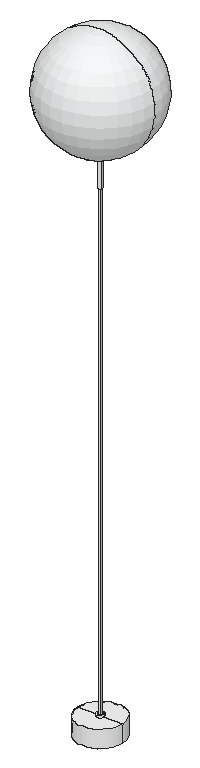
Revit family "56590.1_HOST_FACE", category Lighting Fixtures, host Face, Revit 2015 (continued)
Types (5): name | Wattage | built-in parameter 1150134 | Photometric Web File | built-in parameter 1150142 | Model | built-in parameter 1150105 | Lumens | Lamp | built-in parameter 1150107 | built-in parameter 1150106 | Description | Default Elevation
    5 1.47 1.59 1.71 1.83 1.95 2.09 2.23 2.49 2.78 3.49 4.25 5.08 5.91 6.79 7.67 8.61 9.55 10.53 11.51 12.51 13.51 14.53 15.54 16.57 17.58 18.60 19.61 20.61 21.60 22.74 23.74 24.65 25.58 26.46 27.35 28.22 28.91 29.65 30.37 31.07 31.74 32.33 \r\n32.90 33.42 33.90 34.34 34.75 35.10 35.41 35.63 35.82 35.96 36.07 36.11 36.12 36.05 35.98 35.91 35.84 35.71 35.54 35.27 34.98 34.63 34.28 33.90 33.52 33.12 32.00\r\n0.99 1.14 1.29 1.44 1.59 1.74 1.89 2.04 2.19 2.35 2.71 3.36 4.04 4.85 5.71 6.63 7.56 8.52 9.49 10.52 11.56 12.61 13.74 14.93 16.11 17.29 18.45 19.62 20.77 21.90 23.01 24.10 25.15 26.24 27.30 28.20 29.06 29.95 30.80 31.59 32.34 33.04 33.71 34.35 34.94 \r\n35.46 35.94 36.35 36.73 37.04 37.32 37.58 37.81 37.95 38.05 38.10 38.10 38.03 37.92 37.74 37.53 37.23 36.90 36.60 36.33 35.96 35.58 35.13 34.68 34.21 33.72 33.22 32.00\r\n0.99 1.17 1.35 1.53 1.71 1.89 2.07 2.24 2.48 3.13 3.78 4.52 5.30 6.20 7.15 8.16 9.18 10.26 11.52 12.80 14.09 15.38 16.65 17.92 19.17 20.43 21.68 22.93 24.16 25.36 26.52 27.65 28.75 29.86 31.02 31.79 32.54 33.47 34.39 35.09 35.82 36.49 37.13 37.73 38.27 \r\n38.73 39.14 39.49 39.79 40.02 40.20 40.34 40.42 40.42 40.36 40.24 40.12 39.95 39.72 39.43 39.09 38.68 38.22 37.71 37.15 36.65 36.17 35.63 35.08 34.50 33.92 33.32 32.00\r\n0.99 1.20 1.40 1.61 1.83 2.03 2.24 2.59 3.34 4.09 4.84 5.67 6.55 7.52 8.65 9.87 11.27 12.68 14.03 15.39 16.78 18.15 19.53 20.89 22.22 23.56 24.91 26.24 27.53 28.79 30.00 31.18 32.30 33.42 34.48 35.40 36.26 37.13 37.96 38.73 39.44 40.08 40.67 41.21 41.68 \r\n42.06 42.39 42.65 42.85 43.00 43.08 43.12 43.09 43.00 42.83 42.60 42.30 41.93 41.60 41.12 40.66 40.12 39.54 38.89 38.19 37.40 36.75 36.12 35.47 34.80 34.12 33.42 32.00\r\n0.99 1.23 1.46 1.70 1.94 2.18 2.47 3.33 4.18 5.03 5.89 6.80 7.77 9.04 10.46 11.90 13.50 15.08 16.52 17.94 19.44 20.92 22.42 23.88 25.30 26.72 28.15 29.54 30.89 32.20 33.47 34.69 35.85 36.97 38.14 39.05 39.97 40.85 41.74 42.39 43.09 43.69 44.24 44.74 45.14\r\n 45.46 45.70 45.88 45.99 46.04 46.02 45.93 45.77 45.58 45.29 44.94 44.52 44.03 43.48 42.87 42.21 41.56 40.84 40.07 39.23 38.31 37.36 36.60 35.86 35.09 34.31 33.51 32.00\r\n0.99 1.26 1.52 1.78 2.05 2.32 3.10 4.06 5.01 5.96 6.92 7.98 9.38 10.79 12.33 13.87 15.66 17.48 18.98 20.51 22.13 23.70 25.29 26.84 28.36 29.85 31.35 32.79 34.18 35.53 36.83 38.06 39.23 40.36 41.44 42.48 43.46 44.31 45.09 45.83 46.49 47.07 47.60 48.09 \r\n48.47 48.76 48.98 49.11 49.13 49.09 48.98 48.81 48.52 48.19 47.76 47.31 46.72 46.12 45.43 44.70 43.87 43.00 42.13 41.23 40.26 39.21 38.13 37.08 36.24 35.38 34.50 33.61 32.00\r\n0.99 1.28 1.57 1.87 2.17 2.65 3.71 4.78 5.83 6.88 8.05 9.48 11.01 12.51 14.17 15.93 17.80 19.71 21.41 23.07 24.78 26.45 28.13 29.76 31.36 32.91 34.47 35.96 37.41 38.80 40.14 41.40 42.59 43.74 44.85 45.96 46.95 47.82 48.55 49.24 49.86 50.40 50.89 51.33 \r\n51.64 51.86 52.02 52.11 52.10 52.04 51.91 51.67 51.26 50.79 50.24 49.63 48.93 48.32 47.37 46.51 45.54 44.53 43.43 42.38 41.27 40.10 38.89 37.63 36.62 35.66 34.69 33.70 32.00\r\n0.99 1.31 1.63 1.95 2.27 3.15 4.32 5.48 6.63 7.84 9.41 10.96 12.61 14.24 16.05 17.96 19.98 21.94 23.78 25.74 27.40 29.17 30.93 32.64 34.32 35.95 37.56 39.08 40.55 41.95 43.31 44.60 45.81 46.98 48.10 49.15 50.12 50.95 51.70 52.39 53.00 53.53 54.00 54.43 \r\n54.72 54.93 55.07 55.09 54.98 54.81 54.58 54.28 53.87 53.51 52.69 51.95 51.13 50.25 49.29 48.28 47.18 46.04 44.80 43.54 42.26 40.97 39.63 38.25 36.98 35.93 34.87 33.79 32.00\r\n0.99 1.34 1.68 2.03 2.38 3.64 4.91 6.17 7.42 9.05 10.75 12.43 14.18 16.04 18.04 20.09 22.15 24.17 26.11 28.06 29.96 31.85 33.69 35.58 37.18 38.82 40.43 42.00 43.52 44.97 46.39 47.73 48.99 50.19 51.34 52.41 53.29 54.14 54.84 55.51 56.09 56.59 57.02 57.38 \r\n57.60 57.76 57.85 57.86 57.76 57.65 57.24 56.81 56.30 55.70 55.04 54.25 53.31 52.29 51.20 50.04 48.81 47.52 46.15 44.74 43.24 41.83 40.36 38.86 37.36 36.20 35.05 33.88 32.00\r\n0.99 1.36 1.73 2.10 2.75 4.12 5.49 6.84 8.41 10.23 12.05 13.86 15.81 17.90 19.99 22.17 24.29 26.37 28.42 30.48 32.48 34.45 36.29 38.10 39.85 41.57 43.25 44.89 46.45 47.92 49.34 50.69 51.94 53.14 54.28 55.30 56.22 57.03 57.77 58.44 59.01 59.50 59.91 60.24 \r\n60.46 60.57 60.59 60.50 60.33 60.06 59.73 59.30 58.71 58.00 57.23 56.36 55.43 54.29 53.08 51.77 50.41 48.97 47.47 45.91 44.26 42.67 41.07 39.46 37.81 36.47 35.23 33.97 32.00\r\n0.99 1.39 1.78 2.18 3.12 4.59 6.05 7.57 9.44 11.38 13.32 15.33 17.49 19.72 21.91 24.17 26.33 28.52 30.69 32.85 34.85 36.84 38.76 40.65 42.48 44.26 45.96 47.63 49.22 50.75 52.19 53.55 54.83 56.04 57.20 58.27 59.14 60.00 60.69 61.35 61.89 62.33 62.71 62.98 \r\n63.13 63.21 63.20 63.09 62.89 62.51 62.07 61.53 60.94 60.28 59.39 58.40 57.35 56.21 54.93 53.48 52.00 50.40 48.77 47.06 45.28 43.56 41.77 40.04 38.27 36.73 35.40 34.06 32.00\r\n0.99 1.41 1.83 2.25 3.49 5.04 6.59 8.34 10.43 12.50 14.69 16.86 19.14 21.49 23.78 26.05 28.32 30.60 32.86 35.01 37.12 39.18 41.32 43.13 45.01 46.84 48.60 50.33 51.97 53.51 54.94 56.29 57.57 58.77 59.95 60.98 61.89 62.69 63.41 64.05 64.57 65.00 65.38 65.65\r\n 65.80 65.81 65.73 65.53 65.25 64.87 64.48 63.75 63.06 62.31 61.45 60.42 59.23 57.98 56.66 55.16 53.53 51.80 50.16 48.17 46.27 44.33 42.44 40.60 38.72 36.98 35.56 34.14 32.00\r\n0.99 1.44 1.88 2.32 3.84 5.48 7.12 9.18 11.40 13.59 15.90 18.34 20.76 23.19 25.54 27.87 30.27 32.56 34.88 37.12 39.33 41.45 43.51 45.52 47.49 49.39 51.17 52.87 54.51 56.08 57.56 58.94 60.24 61.46 62.68 63.78 64.63 65.47 66.10 66.70 67.18 67.57 67.88 68.09\r\n 68.19 68.22 68.15 67.95 67.57 67.11 66.53 65.89 65.17 64.32 63.33 62.31 61.07 59.70 58.25 56.77 55.02 53.16 51.26 49.26 47.24 45.16 43.10 41.14 39.16 37.22 35.72 34.22 32.00\r\n0.99 1.46 1.93 2.43 4.17 5.91 7.65 10.00 12.33 14.66 17.21 19.78 22.33 24.77 27.24 29.67 32.11 34.48 36.86 39.20 41.43 43.60 45.75 47.87 49.85 51.73 53.57 55.32 57.01 58.61 60.06 61.42 62.70 63.90 65.05 66.07 66.96 67.75 68.45 69.06 69.56 69.96 70.29 \r\n70.50 70.56 70.50 70.35 70.11 69.77 69.32 68.65 67.91 67.14 66.28 65.19 64.02 62.78 61.38 59.81 58.21 56.47 54.49 52.43 50.33 48.17 45.96 43.74 41.67 39.58 37.47 35.88 34.30 32.00\r\n0.99 1.48 1.97 2.68 4.50 6.31 8.32 10.78 13.22 15.77 18.48 21.16 23.80 26.33 28.89 31.41 33.86 36.35 38.78 41.14 43.43 45.71 47.89 50.01 52.04 54.02 55.92 57.63 59.27 60.83 62.32 63.74 65.07 66.28 67.40 68.46 69.29 70.13 70.77 71.35 71.83 72.20 72.46 \r\n72.61 72.68 72.66 72.54 72.21 71.79 71.28 70.69 69.89 69.02 68.04 67.01 65.70 64.36 62.93 61.31 59.58 57.76 55.77 53.57 51.33 49.06 46.74 44.40 42.17 39.98 37.77 36.03 34.37 32.00\r\n0.99 1.50 2.01 2.91 4.81 6.70 8.96 11.53 14.08 16.87 19.70 22.66 25.18 27.84 30.47 33.04 35.57 38.14 40.58 43.00 45.40 47.70 49.92 52.10 54.19 56.14 57.96 59.72 61.41 63.03 64.53 65.93 67.23 68.42 69.52 70.51 71.42 72.19 72.86 73.43 73.92 74.30 74.57 \r\n74.69 74.71 74.62 74.44 74.17 73.78 73.18 72.50 71.73 70.83 69.75 68.60 67.35 65.89 64.35 62.77 60.90 58.98 57.12 54.66 52.32 49.91 47.48 45.04 42.66 40.37 38.06 36.17 34.44 32.00\r\n0.99 1.52 2.05 3.13 5.11 7.08 9.58 12.24 14.94 17.92 20.87 23.74 26.51 29.28 31.95 34.60 37.24 39.78 42.31 44.79 47.24 49.59 51.90 54.10 56.12 58.07 59.95 61.77 63.45 65.05 66.56 67.97 69.28 70.50 71.60 72.66 73.55 74.34 74.92 75.45 75.90 76.23 76.44 \r\n76.56 76.61 76.54 76.28 75.94 75.51 75.04 74.26 73.40 72.47 71.44 70.14 68.81 67.36 65.73 64.03 62.18 60.15 58.04 55.72 53.26 50.73 48.20 45.65 43.12 40.74 38.34 36.30 34.51 32.00\r\n0.99 1.54 2.09 3.35 5.39 7.43 10.16 12.92 15.82 18.91 21.98 24.91 27.79 30.64 33.38 36.09 38.80 41.38 43.97 46.51 48.98 51.42 53.74 55.87 57.95 59.97 61.85 63.65 65.39 67.03 68.57 69.90 71.14 72.30 73.37 74.34 75.24 75.98 76.62 77.17 77.64 78.02 78.31 \r\n78.38 78.35 78.20 77.99 77.69 77.18 76.58 75.90 75.01 74.00 72.91 71.63 70.19 68.71 67.06 65.23 63.38 61.26 59.04 56.72 54.14 51.51 48.87 46.22 43.56 41.09 38.60 36.43 34.57 32.00\r\n0.99 1.56 2.13 3.55 5.66 7.84 10.71 13.57 16.65 19.86 23.02 26.03 29.01 31.90 34.74 37.68 40.24 42.93 45.54 48.12 50.66 53.12 55.37 57.58 59.71 61.72 63.64 65.50 67.24 68.75 70.19 71.55 72.83 74.02 75.10 76.12 76.92 77.71 78.29 78.80 79.21 79.54 79.78 \r\n79.94 80.00 79.84 79.55 79.19 78.77 78.08 77.32 76.49 75.46 74.25 73.01 71.51 69.94 68.40 66.38 64.44 62.30 59.98 57.64 54.98 52.26 49.52 46.77 44.00 41.42 38.84 36.55 34.63 32.00\r\n0.99 1.58 2.16 3.74 5.91 8.27 11.23 14.17 17.44 20.75 23.97 27.08 30.26 33.10 36.03 38.89 41.65 44.41 47.05 49.65 52.26 54.60 56.95 59.20 61.33 63.39 65.39 67.12 68.74 70.29 71.79 73.15 74.39 75.53 76.56 77.51 78.32 79.05 79.68 80.20 80.64 80.99 81.22 \r\n81.31 81.31 81.22 81.06 80.61 80.09 79.50 78.68 77.79 76.80 75.55 74.20 72.77 71.09 69.36 67.47 65.41 63.36 60.88 58.43 55.77 52.96 50.12 47.28 44.43 41.73 39.08 36.67 34.69 32.00\r\n0.99 1.59 2.19 3.91 6.14 8.68 11.71 14.76 18.17 21.58 24.86 28.07 31.21 34.24 37.25 40.14 43.00 45.76 48.47 51.15 53.64 56.08 58.44 60.68 62.86 64.98 66.80 68.54 70.23 71.77 73.20 74.56 75.80 76.96 77.98 79.01 79.72 80.49 81.03 81.51 81.91 82.21 82.42 \r\n82.57 82.59 82.43 82.21 81.95 81.38 80.69 79.97 78.98 77.93 76.78 75.34 73.86 72.17 70.37 68.49 66.32 64.13 61.73 59.18 56.52 53.61 50.69 47.76 44.83 42.03 39.29 36.77 34.74 32.00\r\n0.99 1.61 2.22 4.08 6.36 9.05 12.16 15.36 18.86 22.35 25.68 28.98 32.18 35.30 38.36 41.31 44.26 47.05 49.79 52.47 54.99 57.48 59.81 62.09 64.30 66.25 68.13 69.94 71.57 73.11 74.56 75.95 77.08 78.13 79.07 80.00 80.75 81.43 82.03 82.54 83.01 83.40 83.56 \r\n83.64 83.64 83.58 83.30 82.97 82.56 81.82 81.02 80.13 78.99 77.81 76.42 74.83 73.19 71.30 69.34 67.17 64.92 62.50 59.87 57.21 54.22 51.21 48.21 45.20 42.30 39.49 36.87 34.79 32.00\r\n0.99 1.62 2.25 4.23 6.56 9.39 12.58 15.91 19.49 23.05 26.44 29.83 33.07 36.27 39.37 42.41 45.39 48.24 51.08 53.66 56.26 58.74 61.10 63.45 65.49 67.49 69.42 71.13 72.82 74.43 75.75 76.97 78.12 79.17 80.11 81.03 81.78 82.41 82.96 83.43 83.84 84.17 84.46 \r\n84.66 84.59 84.46 84.32 83.94 83.45 82.89 82.01 81.08 79.99 78.74 77.41 75.75 74.06 72.15 70.12 67.98 65.62 63.21 60.52 57.81 54.78 51.70 48.62 45.54 42.54 39.68 36.96 34.84 32.00\r\n0.99 1.63 2.28 4.37 6.75 9.71 12.96 16.41 20.06 23.66 27.13 30.58 33.89 37.17 40.30 43.41 46.42 49.35 52.17 54.82 57.44 59.91 62.33 64.55 66.63 68.68 70.53 72.31 73.99 75.40 76.73 77.98 79.10 80.03 80.90 81.73 82.44 83.06 83.62 84.13 84.59 84.90 85.18 \r\n85.32 85.45 85.30 85.09 84.85 84.29 83.69 82.92 81.93 80.92 79.57 78.21 76.59 74.82 72.93 70.85 68.68 66.26 63.83 61.11 58.33 55.30 52.15 49.00 45.85 42.77 39.85 37.05 34.88 32.00\r\n0.99 1.65 2.30 4.49 6.91 9.99 13.30 16.85 20.58 24.22 27.76 31.25 34.62 37.96 41.15 44.32 47.36 50.37 53.16 55.88 58.50 61.00 63.44 65.59 67.71 69.68 71.57 73.39 74.87 76.30 77.66 78.77 79.81 80.77 81.62 82.42 83.10 83.69 84.20 84.68 85.06 85.44 85.79 \r\n85.92 85.99 86.02 85.78 85.48 85.07 84.39 83.70 82.70 81.60 80.34 78.90 77.34 75.51 73.65 71.47 69.28 66.84 64.37 61.64 58.80 55.76 52.55 49.34 46.13 42.97 40.00 37.12 34.92 32.00\r\n0.99 1.66 2.32 4.60 7.06 10.24 13.60 17.25 21.04 24.72 28.33 31.85 35.28 38.65 41.90 45.11 48.21 51.28 54.07 56.84 59.44 62.01 64.35 66.55 68.67 70.62 72.57 74.17 75.72 77.13 78.34 79.47 80.58 81.39 82.15 82.88 83.50 84.07 84.58 85.08 85.52 85.84 86.13 \r\n86.41 86.47 86.46 86.40 86.04 85.64 85.02 84.27 83.38 82.23 80.99 79.50 77.99 76.12 74.21 72.04 69.80 67.37 64.83 62.11 59.22 56.17 52.91 49.64 46.37 43.16 40.14 37.19 34.95 32.00\r\n0.99 1.66 2.34 4.70 7.18 10.46 13.86 17.60 21.43 25.15 28.82 32.37 35.86 39.25 42.56 45.80 48.95 52.01 54.85 57.66 60.30 62.92 65.17 67.43 69.50 71.51 73.33 74.94 76.49 77.78 79.02 80.12 81.02 81.87 82.64 83.32 83.90 84.42 84.88 85.34 85.74 86.15 86.43 \r\n86.66 86.88 86.84 86.77 86.52 86.08 85.56 84.78 83.96 82.75 81.52 80.03 78.47 76.64 74.69 72.55 70.25 67.82 65.24 62.52 59.58 56.53 53.22 49.90 46.59 43.31 40.25 37.25 34.98 32.00\r\n0.99 1.67 2.35 4.78 7.29 10.65 14.09 17.90 21.78 25.52 29.24 32.81 36.35 39.77 43.13 46.38 49.57 52.62 55.53 58.34 61.03 63.60 65.92 68.17 70.26 72.33 73.98 75.66 77.09 78.40 79.61 80.59 81.52 82.34 83.00 83.61 84.15 84.63 85.08 85.53 85.92 86.27 86.63 \r\n86.87 87.06 87.16 87.05 86.92 86.45 85.96 85.18 84.32 83.19 81.92 80.47 78.88 77.10 75.10 72.97 70.64 68.21 65.59 62.87 59.90 56.84 53.48 50.12 46.77 43.45 40.35 37.30 35.00 32.00\r\n0.99 1.68 2.39 4.84 7.38 10.80 14.27 18.15 22.06 25.83 29.58 33.18 36.75 40.19 43.59 46.87 50.11 53.14 56.08 58.91 61.66 64.19 66.55 68.80 70.93 72.90 74.62 76.24 77.62 79.03 80.04 81.08 81.93 82.66 83.33 83.88 84.39 84.81 85.21 85.61 86.00 86.36 86.68 \r\n87.02 87.18 87.33 87.26 87.11 86.73 86.22 85.50 84.62 83.56 82.26 80.85 79.21 77.45 75.42 73.31 70.96 68.54 65.89 63.16 60.15 57.09 53.70 50.31 46.93 43.56 40.44 37.41 35.02 32.00\r\n0.99 1.68 2.39 4.90 7.54 10.92 14.41 18.34 22.28 26.07 29.85 33.46 37.06 40.52 43.96 47.26 50.53 53.55 56.53 59.36 62.15 64.65 67.04 69.29 71.47 73.36 75.11 76.68 78.11 79.37 80.44 81.44 82.26 83.01 83.59 84.05 84.46 84.84 85.24 85.63 85.99 86.38 86.68 \r\n87.01 87.24 87.40 87.41 87.25 86.95 86.39 85.74 84.85 83.85 82.52 81.13 79.46 77.73 75.68 73.59 71.21 68.79 66.10 63.38 60.35 57.28 53.87 50.45 47.05 43.75 40.50 37.41 35.04 32.00\r\n0.99 1.69 2.39 4.93 7.54 11.00 14.60 18.48 22.57 26.24 30.03 33.67 37.29 40.76 44.22 47.53 50.83 53.85 56.85 59.68 62.50 64.97 67.40 69.65 71.87 73.72 75.50 77.01 78.47 79.66 80.77 81.72 82.55 83.26 83.78 84.24 84.53 84.83 85.17 85.57 85.94 86.30 86.66 \r\n87.00 87.28 87.42 87.49 87.32 87.09 86.53 85.91 85.00 84.04 82.71 81.34 79.65 77.94 75.87 73.78 71.38 68.96 66.26 63.54 60.49 57.53 53.99 50.64 47.13 43.76 40.55 37.41 35.05 32.00\r\n0.99 1.69 2.39 4.96 7.54 11.05 14.60 18.56 22.58 26.35 30.18 33.79 37.48 40.90 44.42 47.70 51.08 54.04 57.12 59.88 62.77 65.17 67.70 69.86 72.17 73.90 75.70 77.20 78.68 79.85 80.99 81.89 82.77 83.41 83.99 84.24 84.45 84.73 85.05 85.45 85.88 86.26 86.64 \r\n86.97 87.29 87.44 87.57 87.39 87.21 86.61 86.06 85.10 84.20 82.82 81.50 79.77 78.11 75.99 73.93 71.48 69.10 66.35 63.67 60.57 57.54 54.07 50.64 47.19 43.76 40.57 37.41 35.06 32.00\r\n0.99 1.69 2.39 4.97 7.54 11.07 14.60 18.59 22.58 26.38 30.18 33.83 37.48 40.95 44.41 47.75 51.09 54.11 57.13 59.94 62.75 65.23 67.70 69.92 72.13 73.96 75.78 77.27 78.75 79.91 81.07 81.96 82.84 83.46 84.07 84.22 84.36 84.66 84.96 85.40 85.84 86.25 86.66 \r\n86.97 87.28 87.42 87.55 87.38 87.21 86.65 86.08 85.15 84.21 82.86 81.51 79.83 78.14 76.04 73.94 71.52 69.10 66.39 63.67 60.61 57.54 54.10 50.65 47.21 43.76 40.59 37.41 35.06 32.00\r\n" | "33 508" | 31.513 (stored number, unit not read) | 396 lm | "8.4W LED" | 3000 (stored number, unit not read) | 0.31513 (stored number, unit not read) | "LED ceiling and wall luminaires - impact resistant" | 6' - 0"
  Pendant Luminaires | 20.7618 W | (empty or 0) | "56590.ies" | "IESNA:LM-63-1995\r\n[TEST] \r\n[MANUFAC] Glashütte Limburg\r\n[MORE] Converted by LUMCat V \r\n[MORE] 20.04.2015 / M.S.\r\n[LUMCAT] \r\n[LUMINAIRE] 56590\r\n[LAMPCAT] LED  28,5W\r\n[LAMPCAT] LED  28,5W    3084 lm,   34 W\r\n[LAMP] LED  28,5W\r\nTILT=NONE\r\n1 -1 1 73 1 1 1 -1.15 0 -1.15\r\n1 1 34\r\n0 2.5 5 7.5 10 12.5 15 17.5 20 22.5 25 27.5 30 32.5 35 37.5 40 42.5 45 47.5 50 52.5 55 57.5 60 62.5 65 67.5 70 72.5 75 77.5 80 82.5\r\n 85 87.5 90 92.5 95 97.5 100 102.5 105 107.5 110 112.5 115 117.5 120 122.5 125 127.5 130 132.5 135 137.5 140 142.5 145 147.5 150 \r\n152.5 155 157.5 160 162.5 165 167.5 170 172.5 175 177.5 180\r\n0\r\n287.20 287.10 287.00 287.20 287.20 287.30 287.40 287.50 287.60 287.60 287.60 287.70 287.50 287.50 287.30 287.20 287.10 286.90 \r\n286.80 286.40 286.10 285.70 285.10 284.40 283.60 282.60 281.40 280.20 278.80 277.10 275.30 273.30 271.10 268.80 266.20 263.50 \r\n260.70 257.60 254.50 251.10 247.60 243.90 240.10 236.30 232.20 228.20 224.00 219.70 215.40 211.10 206.80 202.50 198.40 194.30 \r\n190.20 186.30 182.50 178.70 175.00 171.60 168.20 165.10 162.20 159.40 156.80 153.80 148.20 138.80 124.30 104.80 78.20 41.20 37.50\r\n" | "56 590.1" | 245.42 (stored number, unit not read) | 3084 lm | "28.5W LED" | 3000 (stored number, unit not read) | 2.4542 (stored number, unit not read) | "Pendant - Sphere" | 0' - 0"
